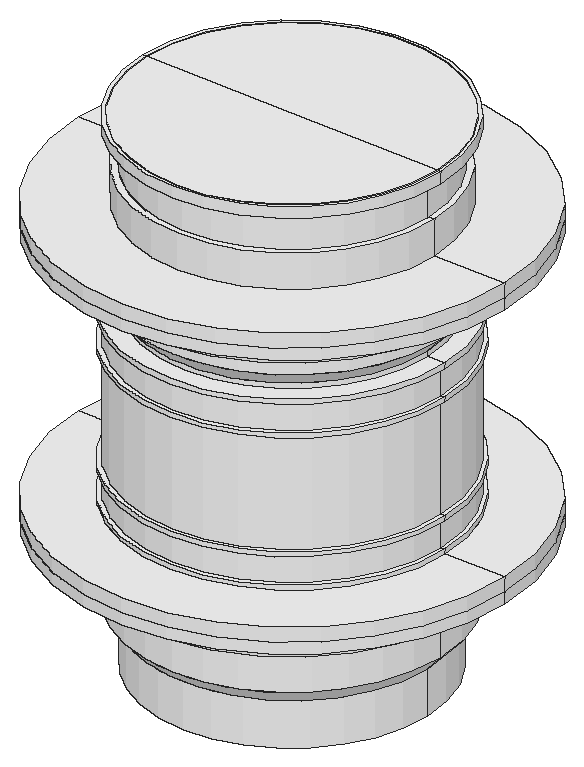
Revit family "Plumbing Fixture-FloorDrain_Mifab_C1220C-R", category Plumbing Fixtures, host Face, Revit 2013
Parameters (values of type "6"")
  WFU = 0
  URL = "WWW.MIFAB.COM"
  Top Assembly Height = 8.320"
  Strainer Radius = Stainer Diameter / 2  # 5.000"
  Stainer Diameter = 10.000"
  Pipe Radius = Pipe Diameter / 2  # 3.000"
  Pipe Diameter = 6.000"
  Model = "C1220C-R"
  Manufacturer = "MIFAB"
  Floor Drain Material = Paint - Sherwin Williams Paint - #952C2A - Bellwood Red
  Description = "ISOLATION (FLOATING) FLOOR CLEANOUT WITH ADJUSTABLE COVER AND PLUG"
  Default Elevation = 0.000"
  Body Height = 3.250"
Types (6): name | Strainer Radius | Stainer Diameter | Pipe Radius | Pipe Diameter | Body Height
  (no name) | 5.000" | 10.000" | 3.000" | 6.000" | 3.250"
  3" | 3.500" | 7.000" | 1.500" | 3.000" | 2.750"
  2" | 3.000" | 6.000" | 1.000" | 2.000" | 2.750"
  4" | 4.000" | 8.000" | 2.000" | 4.000" | 2.750"
  5" | 4.500" | 9.000" | 2.500" | 5.000" | 2.750"
  6" | 5.000" | 10.000" | 3.000" | 6.000" | 3.250"
Reference planes (in)
  plane 1 "Center (Front/Back)": y = 0
  plane 2: z = 0
  plane 3 "Center (Left/Right)": x = 0
  plane 4: x = -5
  plane 5: x = 5
  plane 6: z = -11.57
  plane 7: x = -3
  plane 8: x = 3
  plane 9: z = -8.32
Forms (in)
  Revolve 1, solid, material "Paint - Sherwin Williams Paint - #952C2A - Bellwood Red" <- "Floor Drain Material"
    sketch origin (0, 0, 0) x (1, 0, 0) y (0, 0, 1)
      loop
        line (-3.32, -8.57) -> (-3.18, -8.57) -> (-3.12, -8.49) -> (-3.12, -8.4) -> (-3.18, -8.32) -> (-5, -8.32) -> (-5, -8.57) -> (-4.25, -8.57) -> (-4.20626, -9.07) -> (-3.5, -9.07) -> (-3.5, -10.22) -> (-3.18, -10.57) -> (-3.18, -11.57) -> (-3, -11.57) -> (-3, -10.43151) -> (-3.32, -10.08151) -> (-3.32, -8.57)
      loop
        line (-3.32, -2.38528) -> (-3.2, -2.38528) -> (-3.12, -2.30528) -> (-3.12, -2.21528) -> (-3.2, -2.13528) -> (-5, -2.13528) -> (-5, -2.38528) -> (-4.25, -2.38528) -> (-4.20626, -2.88528) -> (-3.5, -2.88528) -> (-3.5, -3.53528) -> (-3.18, -3.88528) -> (-3.18, -4.88528) -> (-3, -4.88528) -> (-3, -3.74679) -> (-3.32, -3.39679) -> (-3.32, -2.38528)
      loop
        line (-3.2, -1.81627) -> (-3.12, -1.89627) -> (-3.05, -1.89627) -> (-3.05, -0.15627) -> (-3.42, -0.15627) -> (-3.42, 0) -> (-3.5, 0) -> (-3.5, -0.24627) -> (-3.2, -0.24627) -> (-3.2, -1.81627)
      axis (0, -11.57) -> (0, 0)
    angle from 0 to 360
  Revolve 2, solid, material "Paint - Sherwin Williams Paint - #952C2A - Bellwood Red" <- "Floor Drain Material"
    sketch origin (0, 0, 0) x (1, 0, 0) y (0, 0, 1)
      loop
        line (3.18, -8.0075) -> (3.6, -8.0075) -> (3.6, -7.9075) -> (3.5, -7.9075) -> (3.5, -7.3075) -> (3.6, -7.3075) -> (3.6, -7.2075) -> (3.5, -7.2075) -> (3.5, -4.8075) -> (3.6, -4.8075) -> (3.6, -4.7075) -> (3.5, -4.7075) -> (3.5, -4.1075) -> (3.6, -4.1075) -> (3.6, -3.99191) -> (3.18, -3.99191) -> (3.18, -8.0075)
      axis (0, -8.0075) -> (0, -3.99191)
    angle from 0 to 360
  Revolve 3, solid, material "Paint - Sherwin Williams Paint - #952C2A - Bellwood Red" <- "Floor Drain Material"
    sketch origin (0, 0, 0) x (1, 0, 0) y (0, 0, 1)
      loop
        line (0, 0) -> (0, -0.15627) -> (3.42, -0.15627) -> (3.42, 0) -> (0, 0)
      axis (0, 0) -> (0, -0.15627)
    angle from 0 to 360
  Revolve 4, solid, material "Paint - Sherwin Williams Paint - #952C2A - Bellwood Red" <- "Floor Drain Material"
    sketch origin (0, 0, 0) x (1, 0, 0) y (0, 0, 1)
      loop
        line (3.12, -8.0075) -> (3.12, -8.32) -> (5, -8.32) -> (5, -8.0075) -> (3.6, -8.0075) -> (3.12, -8.0075)
      loop
        line (5, -2.13528) -> (5, -1.82278) -> (3.35, -1.82278) -> (3.35, -1.05528) -> (3.2, -1.05528) -> (3.12, -1.13528) -> (3.12, -2.13528) -> (5, -2.13528)
      axis (0, -1.05528) -> (0, -8.32)
    angle from 0 to 360
Lines and regions (in)
  symbolic lines
    curve 1: circle (0, 0, 0) r 5 normal (0, 0, 1)
  symbolic lines, style "PlumbingFixtures"
    curve 2: circle (0, 0, 0) r 1.00382 normal (0, 0, 1)
Dimensions and locks (in)
  equal spacing: plane 5, plane 3 "Center (Left/Right)", plane 4
  "Stainer Diameter": plane 5 to plane 4
  "Body Height": plane 9 to plane 6
  equal spacing: plane 8, plane 3 "Center (Left/Right)", plane 7
  "Pipe Diameter": plane 8 to plane 7
  "Top Assembly Height": host face to plane 9
  locked: plane 7 to Revolve 1 sketch curve at 1.20626  (x2)
  locked: plane 7 to Revolve 1 sketch curve at 1.25  (x2)
  locked: plane 7 to Revolve 1 sketch curve at 0.5  (x2)
  locked: plane 8 to Revolve 2 sketch curve at 0.18
  locked: plane 8 to Revolve 2 sketch curve at 0.6
  locked: Revolve 2 sketch curve to Revolve 2 sketch curve at 0.42  (x2)
  locked: Revolve 1 sketch curve to plane 7 at 2  (x2)
  locked: Revolve 4 sketch curve to Revolve 4 sketch curve at 0.23
  locked: plane 8 to Revolve 4 sketch curve at 2  (x2)
  locked: Revolve 4 sketch curve to Revolve 4 sketch curve at 1.88  (x2)
  "Strainer Radius": radius of curve 1
  aligned and locked: plane 2 to host face
  aligned and locked: level to host face
  aligned and locked: plane 1 "Center (Front/Back)" to curve 1
  aligned and locked: plane 3 "Center (Left/Right)" to curve 1
  aligned and locked: Revolve 1 sketch curve to Revolve 1 sketch curve
  aligned and locked: plane 7 to Revolve 1 sketch curve  (x2)
  aligned and locked: Revolve 1 sketch curve to plane 9
  aligned and locked: Revolve 1 sketch curve to level
  aligned and locked: Revolve 1 sketch curve to plane 6
  aligned and locked: plane 3 "Center (Left/Right)" to Revolve 1 sketch curve
  aligned and locked: Revolve 2 sketch curve to Revolve 1
  aligned and locked: Revolve 1 to Revolve 3 sketch curve
  aligned and locked: plane 3 "Center (Left/Right)" to Revolve 3 sketch curve
  aligned and locked: Revolve 3 sketch curve to Revolve 1  (x2)
  aligned and locked: Revolve 3 sketch curve to plane 3 "Center (Left/Right)"
  aligned and locked: Revolve 4 sketch curve to plane 9
  aligned and locked: Revolve 4 sketch curve to Revolve 1
  aligned and locked: Revolve 4 sketch curve to plane 3 "Center (Left/Right)"
Automatic sketch dimensions
  host sketch curve to host sketch curve = 96.000"  (x2)
  plane 9 to Revolve 2 sketch curve = 0.4125"
  Revolve 2 sketch curve to plane 3 "Center (Left/Right)" = 0.000"
  Revolve 2 sketch curve to plane 6 = 0.000"
  Revolve 2 sketch curve to Revolve 2 sketch curve = 0.320"
  Revolve 2 sketch curve to Revolve 2 sketch curve = 0.000"
  Revolve 2 sketch curve to Revolve 2 sketch curve = 0.100"  (x4)
  Revolve 2 sketch curve to Revolve 2 sketch curve = 0.600"  (x2)
  Revolve 2 sketch curve to Revolve 2 sketch curve = 2.400"
  Revolve 2 sketch curve to Revolve 2 sketch curve = 0.11559"
  plane 9 to Revolve 3 sketch curve = 2.820"
  Revolve 3 sketch curve to Revolve 3 sketch curve = 1.250"
  plane 9 to Revolve 2 sketch curve = 0.3125"
  Revolve 1 sketch curve to plane 7 = 0.180"  (x3)
  plane 6 to Revolve 1 sketch curve = 1.000"
  Revolve 1 sketch curve to plane 6 = 0.000"
  Revolve 1 sketch curve to level = 0.000"
  Revolve 1 sketch curve to plane 7 = 0.500"
  Revolve 1 sketch curve to Revolve 1 sketch curve = 0.080"  (x7)
  Revolve 1 sketch curve to Revolve 1 sketch curve = 0.180"  (x2)
  Revolve 1 sketch curve to plane 7 = 0.200"  (x2)
  Revolve 1 sketch curve to Revolve 1 sketch curve = 0.120"
  Revolve 1 sketch curve to Revolve 1 sketch curve = 0.140"
  Revolve 1 sketch curve to Revolve 1 sketch curve = 0.060"
  Revolve 1 sketch curve to plane 7 = 0.050"
  Revolve 1 sketch curve to Revolve 1 sketch curve = 0.13849"  (x4)
  Revolve 1 sketch curve to Revolve 1 sketch curve = 0.350"  (x2)
  Revolve 1 sketch curve to plane 9 = 0.750"
  Revolve 1 sketch curve to plane 9 = 0.250"  (x2)
  Revolve 1 sketch curve to plane 9 = 0.080"
  plane 9 to Revolve 1 sketch curve = 3.43472"
  Revolve 1 sketch curve to Revolve 1 sketch curve = 1.000"
  Revolve 1 sketch curve to Revolve 1 sketch curve = 0.51151"
  Revolve 1 sketch curve to Revolve 1 sketch curve = 0.500"  (x2)
  Revolve 1 sketch curve to Revolve 1 sketch curve = 0.090"
  Revolve 1 sketch curve to Revolve 1 sketch curve = 0.23901"
  Revolve 1 sketch curve to level = 0.24627"
  Revolve 1 sketch curve to level = 0.15627"
  plane 9 to Revolve 4 sketch curve = 0.3125"
  Revolve 4 sketch curve to Revolve 4 sketch curve = 0.080"  (x2)
  Revolve 4 sketch curve to Revolve 4 sketch curve = 0.480"
  Revolve 4 sketch curve to Revolve 4 sketch curve = 0.3125"
  Revolve 4 sketch curve to Revolve 4 sketch curve = 0.6875"
  Revolve 4 sketch curve to plane 6 = 3.73528"
  level to Revolve 4 sketch curve = 0.69472"
  curve 1 to curve 2 = 0.000"  (x2)
  plane 1 "Center (Front/Back)" to curve 2 = 0.000"
  curve 2 to plane 3 "Center (Left/Right)" = 0.000"
  radius of curve 2 = 1.00382"
Connectors (in)
  piping at (0, 0, -11.57), driven by "Pipe Radius"
    settings: on Revolve 1, index 1, connector radius 3", flow factor 0, pipe flow 0 GPM, pressure drop 0.00 psi, fitting loss kfactor 0, connector angle 0.00°, fixture units 0, engagement length 0.000", flow configuration 0, flow direction 0, fitting loss method 0, system type 7, joint type 0, gender type 0, connector reference index -1, connector utility 0, adjustable connector no, is connector primary yes, fitting loss table "", connector description ""
